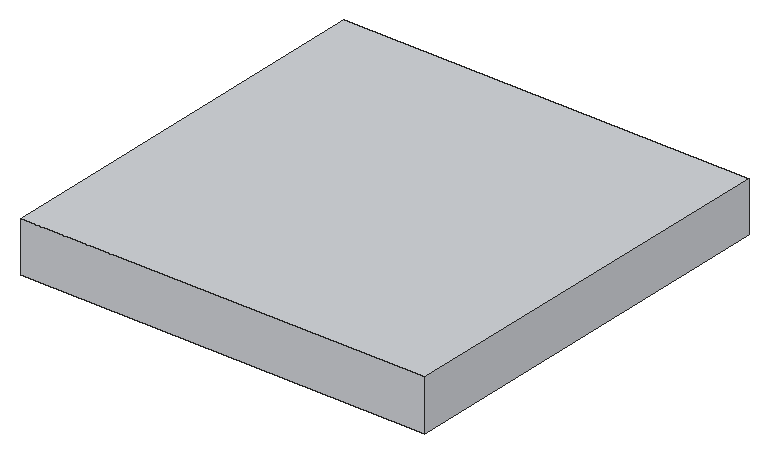
Revit family "Sanitary_Showers_DELABIE_H9631-Recessed-sequential-thermostatic-s", category Appareils sanitaires, Revit 2018
Family settings
  Hôte = Face
  Cote de connecteur circulaire = Utiliser le diamètre
  Type d'élément = Normal
  Couper avec des vides une fois chargée = Non
  Partagée = Non
  Point de calcul de pièce = Non
Parameters
  Default Elevation = 1219.2 mm
Reference planes
  plane 1 "Centre (avant/arrière)": y = 0
  plane 2: z = 0
  plane 3 "Centre (gauche/droite)": x = 0
Forms (mm)
  Extrusion 1, solid
    sketch origin (0, 0, 0) x (1, 0, 0) y (0, 1, 0)
      loop
        line (-1219.2, 1219.2) -> (-1219.2, -1219.2) -> (1219.2, -1219.2) -> (1219.2, 1219.2) -> (-1219.2, 1219.2)
    from 0 to -304.8
Dimensions and locks
  aligned and locked: plane 2 to Extrusion 1
  aligned and locked: level to Extrusion 1
Nested families
  nested 1: "Sanitary_Showers_DELABIE_H9631-Recessed-sequential-thermostatic-s" at (0, 0, 0), type "Default"
Definition of nested family "Sanitary_Showers_DELABIE_H9631-Recessed-sequential-thermostatic-s"
  Parameters (values of type "Default")
    Youtube clip = ""
    Uniformat II Description = ""
    Uniformat II Code = ""
    Uniclass 2015 Name = "Sanitary fittings and accessories"
    Uniclass 2015 Code = "Pr_40_20"
    Uniclass 2.0 Description = "Shower Mixers"
    Uniclass 2.0 Code = "PR-35-06-82"
    Uniclass 1.4 Description = "Showers"
    Uniclass 1.4 Code = "L7214"
    UNSPSC Code = "301815"
    Technical description = "https://www.delabie.com/products/h9631"
    Region South America = "AR, BO, BR, CL, CO, EC, FK, GF, GY, PE, PY, SR, UY, VE"
    Region Oceania = "AU, FJ, NC, NZ, PG, SB, TL, VU"
    Region North America = "BS, BZ, CA, CR, CU, DO, GL, GT, HN, HT, JM, MX, NI, PA, PR, SV, TT, US"
    Region Middle East = "AE, AF, EG, IL, IQ, IR, JO, KW, LB, OM, PS, QA, SA, SY, TR, YE"
    Region Europe = "AL, AT, BA, BE, BG, BY, CH, CY, CZ, DE, DK, EE, ES, FI, FR, GB, GR, HR, HU, IE, IS, IT, LT, LU, LV, MD, ME, MK, NL, NO, PL, PT, RO, RS, RU, SE, SI, SJ, SK, UA"
    Region Asia = "AM, AZ, BD, BN, BT, CN, GE, ID, IN, JP, KG, KH, KP, KR, KZ, LA, LK, MM, MN, MY, NP, PH, PK, TH, TJ, TM, TW, UZ, VN"
    Region Antarctica = "TF"
    Region Africa = "AO, BF, BI, BJ, BW, CD, CF, CG, CI, CM, DJ, DZ, EH, ER, ET, GA, GH, GM, GN, GQ, GW, KE, LR, LS, LY, MA, MG, ML, MR, MW, MZ, NA, NE, NG, RW, SD, SL, SN, SO, SS, SZ, TD, TG, TN, TZ, UG, ZA, ZM, ZW"
    QR code = "http://bimobject.com/delabie/product/H9631"
    Product url = "https://www.delabie.com/products/h9631"
    Product name = "H9631 Recessed sequential thermostatic shower mixer"
    Product group = "Shower mixer"
    Product family = "Sanitary"
    Product data url = "https://bimobject.com/delabie/product/H9631"
    Product certification = "https://www.delabie.com/products/h9631"
    Product SKU = "H9631"
    Product Guid = "0a38d62b-e561-4535-b733-8d932b8f6208"
    OmniClass Description = "Showers"
    OmniClass Code = "23-31 17 00"
    NBS Reference Description = "Shower Mixers"
    NBS Reference Code = "35-06-82"
    Material secondary = ""
    Material main = "Brass"
    Masterformat 2014 Description = "Healthcare Showers"
    Masterformat 2014 Code = "22 43 23"
    Manufacturer name = "DELABIE"
    Manufacturer country = "France"
    Installation instructions = "https://www.delabie.com/products/h9631"
    IFC Classification = "Sanitary Terminal"
    GTIN code = "https://3456330188746"
    Edition number = 1
    Design country = "France"
    Date of publishing = ""
    COBIe Type Category = ""
    Brand url = "http://www.delabie.com"
    BOS_1_Visibility = yes
    BOS_1_Material = none
    BOS_0_Visibility = yes
    BOS_0_Material = none
    BIMobject main category code = "sanitary"
    BIMobject main category = "Sanitary"
    BIMobject category code = "showers"
    BIMobject category = "Showers"
  Reference planes
    plane 1 "Center (Front/Back)": y = 0
    plane 2: z = 0
    plane 3 "Center (Left/Right)": x = 0
  Dimensions and locks
    aligned and locked: plane 2 to level
  Imported bodies without a history: 1
